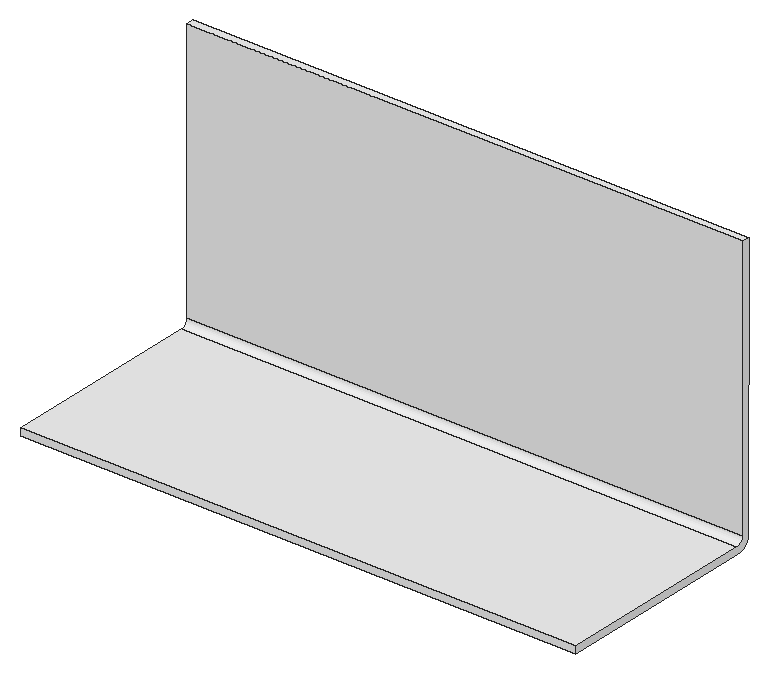
Revit family "JOMA_437", category Structural Connections, host Face, Revit 2017
Family settings
  Host = Face
  Material for Model Behavior = Other
  Enable cutting in views = Yes
  Cut with Voids When Loaded = No
  Shared = No
Parameters (values of type "4370001")
  t = 3 mm
  l = 240 mm
  h = 120 mm
  b = 93 mm
  Vikt (kg) = "1,15"
  Typ Förstärkningsbricka = ""
  Typ = "VINKEL 4370001"
  Spikmönster α=0° [instance] = no
  Spik/skruv [instance] = "ANKARSPIK 4,0x40"
  Material = Varmförzinkad stålplåt
  Länk Joma Dimensioneringsverktyg = "http://www.joma.se/dimensioneringsverktyg"
  Förstärkningsbricka 3012003 Spikmönster [instance] = and(Beslag 4370003, and([Spikmönster α=0°], Förstärkningsbricka))  # no
  Förstärkningsbricka 3012003 3D = and(Förstärkningsbricka, Beslag 4370003)  # no
  Förstärkningsbricka 3012003 [instance] = and(not([Spikmönster α=0°]), Förstärkningsbricka, Beslag 4370003)  # no
  Förstärkningsbricka 3012002 Spikmönster [instance] = and(or(Beslag 4370002, Beslag 4370004), and([Spikmönster α=0°], Förstärkningsbricka))  # no
  Förstärkningsbricka 3012002 3D = and(Förstärkningsbricka, or(Beslag 4370002, Beslag 4370004))  # no
  Förstärkningsbricka 3012002 [instance] = and(Förstärkningsbricka, or(Beslag 4370002, Beslag 4370004), not([Spikmönster α=0°]))  # no
  Förstärkningsbricka = no
  Default Elevation = 1200 mm
  Bult (betong) [instance] = ""
  Beslag 4370004 Grafik [instance] = not(or(Förstärkningsbricka 3012002 Spikmönster, Förstärkningsbricka 3012002))  # yes
  Beslag 4370003 Grafik [instance] = and(Beslag 4370003, not(or(Förstärkningsbricka 3012003 Spikmönster, Förstärkningsbricka 3012003)))  # no
  Beslag 4370002 Grafik [instance] = and(or(Beslag 4370002, Beslag 4370004), not(or(Förstärkningsbricka 3012002 Spikmönster, Förstärkningsbricka 3012002)))  # no
  Beslag 4370004 = no
  Beslag 4370003 = no
  Beslag 4370002 = no
  Beslag 4370001 = yes
  Antal spik/skruv i virkesdel B [instance] = if(and([Spikmönster α=0°], Beslag 4370001), 36, if(and([Spikmönster α=0°], Beslag 4370002), 2, if(and([Spikmönster α=0°], Beslag 4370003), 2, if(and([Spikmönster α=0°], Beslag 4370004), 2, 0))))  # 0
  Antal spik/skruv i virkesdel A [instance] = if(and([Spikmönster α=0°], Beslag 4370001), 36, if(and([Spikmönster α=0°], Beslag 4370002), 30, if(and([Spikmönster α=0°], Beslag 4370003), 36, if(and([Spikmönster α=0°], Beslag 4370004), 15, 0))))  # 0
  4370004U Spikmönster [instance] = and(and(Beslag 4370004, [Spikmönster α=0°]), not(Förstärkningsbricka))  # no
  4370004 Spikmönster [instance] = and(Beslag 4370004, [Spikmönster α=0°])  # no
  4370003U Spikmönster [instance] = and(and(Beslag 4370003, [Spikmönster α=0°]), not(Förstärkningsbricka))  # no
  4370003 Spikmönster [instance] = and(Beslag 4370003, [Spikmönster α=0°])  # no
  4370002U Spikmönster [instance] = and(and(Beslag 4370002, [Spikmönster α=0°]), not(Förstärkningsbricka))  # no
  4370002 Spikmönster [instance] = and(Beslag 4370002, [Spikmönster α=0°])  # no
  4370001 Spikmönster [instance] = and(Beslag 4370001, [Spikmönster α=0°])  # no
Reference planes
  plane 1 "Center (Front/Back)": y = 0
  plane 2: z = 0
  plane 3 "Center (Left/Right)": x = 0
  plane 4: y = -93
  plane 5: z = 120
  plane 6: x = -120
  plane 7: x = 120
  plane 8 "Hatch": z = 30
  plane 9: y = -5
Forms (mm)
  Extrusion 1, solid, material "Varmförzinkad stålplåt" <- "Material"
    sketch origin (0, 0, 0) x (0, 1, 0) y (0, 0, 1)
      loop
        arc (-3, 6) -> (-3.879, 3.879) -> (-6, 3) r 3
        line (-6, 3) -> (-93, 3) -> (-93, 0) -> (-6, 0)
        arc (-6, 0) -> (-1.757, 1.757) -> (0, 6) r 6
        line (0, 6) -> (0, 120) -> (-3, 120) -> (-3, 6)
    from -120 to 120
Lines and regions (mm)
  Masking region 1, visible <- "Förstärkningsbricka 3012003 3D"
    outline origin (0, 0, 0) x (0, 1, 0) y (0, 0, 1)
      loop
        line (-8, 3) -> (-6, 3)
        arc (-6, 3) -> (-3.879, 3.879) -> (-3, 6) r 3
        line (-3, 6) -> (-3, 8) -> (-8, 3)
  Masking region 2, visible <- "Förstärkningsbricka 3012003 3D"
    outline origin (0, 0, 0) x (0, 1, 0) y (0, 0, 1)
      loop
        arc (-4.377, 3.486) -> (-5.163, 3.121) -> (-6.021, 2.996) r 3.003
        line (-6.021, 2.996) -> (-6.021, 1.674) -> (-4.377, 1.674) -> (-4.377, 3.486)
  Masking region 3, visible <- "Förstärkningsbricka 3012002 3D"
    outline origin (0, 0, 0) x (0, 1, 0) y (0, 0, 1)
      loop
        line (-8, 3) -> (-6, 3)
        arc (-6, 3) -> (-3.879, 3.879) -> (-3, 6) r 3
        line (-3, 6) -> (-3, 8) -> (-8, 3)
  Masking region 4, visible <- "Förstärkningsbricka 3012002 3D"
    outline origin (0, 0, 0) x (0, 1, 0) y (0, 0, 1)
      loop
        arc (-4.379, 3.48) -> (-5.159, 3.121) -> (-6.01, 2.998) r 3.001
        line (-6.01, 2.998) -> (-6.01, 1.674) -> (-4.379, 1.674) -> (-4.379, 3.48)
  symbolic lines, visible <- "Beslag 4370001"
    curve 1: arc (-76, 0, 3) -> (-81, 0, 8) -> (-86, 0, 3) r 5
    curve 2: arc (86, 0, 3) -> (81, 0, 8) -> (76, 0, 3) r 5
    curve 148: circle (-110, 0, 100.088) r 2.5 normal (0, -1, 0)
    curve 149: circle (-90, 0, 110) r 2.5 normal (0, -1, 0)
    curve 150: circle (-90, 0, 90) r 2.5 normal (0, -1, 0)
    curve 151: circle (-110, 0, 80) r 2.5 normal (0, -1, 0)
    curve 152: circle (-110, 0, 60) r 2.5 normal (0, -1, 0)
    curve 153: circle (-90, 0, 70) r 2.5 normal (0, -1, 0)
    curve 154: circle (-70, 0, 60) r 2.5 normal (0, -1, 0)
    curve 155: circle (-70, 0, 80) r 2.5 normal (0, -1, 0)
    curve 156: circle (-70, 0, 100) r 2.5 normal (0, -1, 0)
    curve 157: circle (-50, 0, 110) r 2.5 normal (0, -1, 0)
    curve 158: circle (-50, 0, 90) r 2.5 normal (0, -1, 0)
    curve 159: circle (-50, 0, 70) r 2.5 normal (0, -1, 0)
    curve 160: circle (-30, 0, 60) r 2.5 normal (0, -1, 0)
    curve 161: circle (-30, 0, 80) r 2.5 normal (0, -1, 0)
    curve 162: circle (-30, 0, 100) r 2.5 normal (0, -1, 0)
    curve 163: circle (-10, 0, 110) r 2.5 normal (0, -1, 0)
    curve 164: circle (-10, 0, 90) r 2.5 normal (0, -1, 0)
    curve 165: circle (-10, 0, 70) r 2.5 normal (0, -1, 0)
    curve 166: circle (10, 0, 60) r 2.5 normal (0, -1, 0)
    curve 167: circle (10, 0, 80) r 2.5 normal (0, -1, 0)
    curve 168: circle (10, 0, 100) r 2.5 normal (0, -1, 0)
    curve 169: circle (30, 0, 110) r 2.5 normal (0, -1, 0)
    curve 170: circle (30, 0, 90) r 2.5 normal (0, -1, 0)
    curve 171: circle (30, 0, 70) r 2.5 normal (0, -1, 0)
    curve 172: circle (50, 0, 60) r 2.5 normal (0, -1, 0)
    curve 173: circle (50, 0, 80) r 2.5 normal (0, -1, 0)
    curve 174: circle (50, 0, 100) r 2.5 normal (0, -1, 0)
    curve 175: circle (70, 0, 110) r 2.5 normal (0, -1, 0)
    curve 176: circle (70, 0, 90) r 2.5 normal (0, -1, 0)
    curve 177: circle (70, 0, 70) r 2.5 normal (0, -1, 0)
    curve 178: circle (90, 0, 60) r 2.5 normal (0, -1, 0)
    curve 179: circle (90, 0, 80) r 2.5 normal (0, -1, 0)
    curve 180: circle (90, 0, 100) r 2.5 normal (0, -1, 0)
    curve 181: circle (110, 0, 70) r 2.5 normal (0, -1, 0)
    curve 182: circle (110, 0, 90) r 2.5 normal (0, -1, 0)
    curve 183: circle (110, 0, 110) r 2.5 normal (0, -1, 0)
    curve 220: circle (-110, -33, 15) r 2.5 normal (0, 0, 1)
    curve 221: circle (-110, -53, 15) r 2.5 normal (0, 0, 1)
    curve 222: circle (-110, -73, 15) r 2.5 normal (0, 0, 1)
    curve 223: circle (-90, -83, 15) r 2.5 normal (0, 0, 1)
    curve 224: circle (-90, -63, 15) r 2.5 normal (0, 0, 1)
    curve 225: circle (-90, -43, 15) r 2.5 normal (0, 0, 1)
    curve 226: circle (-70, -33, 15) r 2.5 normal (0, 0, 1)
    curve 227: circle (-70, -53, 15) r 2.5 normal (0, 0, 1)
    curve 228: circle (-70, -73, 15) r 2.5 normal (0, 0, 1)
    curve 229: circle (-50, -83, 15) r 2.5 normal (0, 0, 1)
    curve 230: circle (-50, -63, 15) r 2.5 normal (0, 0, 1)
    curve 231: circle (-50, -43, 15) r 2.5 normal (0, 0, 1)
    curve 232: circle (-30, -33, 15) r 2.5 normal (0, 0, 1)
    curve 233: circle (-30, -53, 15) r 2.5 normal (0, 0, 1)
    curve 234: circle (-30, -73, 15) r 2.5 normal (0, 0, 1)
    curve 235: circle (-10, -83, 15) r 2.5 normal (0, 0, 1)
    curve 236: circle (-10, -63, 15) r 2.5 normal (0, 0, 1)
    curve 237: circle (-10, -43, 15) r 2.5 normal (0, 0, 1)
    curve 238: circle (10, -73, 15) r 2.5 normal (0, 0, 1)
    curve 239: circle (10, -53, 15) r 2.5 normal (0, 0, 1)
    curve 240: circle (10, -33, 15) r 2.5 normal (0, 0, 1)
    curve 241: circle (30, -43, 15) r 2.5 normal (0, 0, 1)
    curve 242: circle (30, -63, 15) r 2.5 normal (0, 0, 1)
    curve 243: circle (30, -83, 15) r 2.5 normal (0, 0, 1)
    curve 244: circle (50, -73, 15) r 2.5 normal (0, 0, 1)
    curve 245: circle (50, -53, 15) r 2.5 normal (0, 0, 1)
    curve 246: circle (50, -33, 15) r 2.5 normal (0, 0, 1)
    curve 247: circle (70, -63, 15) r 2.5 normal (0, 0, 1)
    curve 248: circle (70, -83, 15) r 2.5 normal (0, 0, 1)
    curve 249: circle (90, -73, 15) r 2.5 normal (0, 0, 1)
    curve 250: circle (90, -53, 15) r 2.5 normal (0, 0, 1)
    curve 251: circle (90, -33, 15) r 2.5 normal (0, 0, 1)
    curve 252: circle (70, -43, 15) r 2.5 normal (0, 0, 1)
    curve 253: circle (110, -43, 15) r 2.5 normal (0, 0, 1)
    curve 254: circle (110, -63, 15) r 2.5 normal (0, 0, 1)
    curve 255: circle (110, -83, 15) r 2.5 normal (0, 0, 1)
  symbolic lines, visible <- "Beslag 4370001", not visible
    curve 3: arc (-76, 0, 3) -> (-81, 0, 8) -> (-86, 0, 3) r 5
    curve 4: arc (86, 0, 3) -> (81, 0, 8) -> (76, 0, 3) r 5
    curve 184: circle (-110, 0, 100.088) r 2.5 normal (0, -1, 0)
    curve 185: circle (-90, 0, 110) r 2.5 normal (0, -1, 0)
    curve 186: circle (-90, 0, 90) r 2.5 normal (0, -1, 0)
    curve 187: circle (-110, 0, 80) r 2.5 normal (0, -1, 0)
    curve 188: circle (-110, 0, 60) r 2.5 normal (0, -1, 0)
    curve 189: circle (-90, 0, 70) r 2.5 normal (0, -1, 0)
    curve 190: circle (-70, 0, 60) r 2.5 normal (0, -1, 0)
    curve 191: circle (-70, 0, 80) r 2.5 normal (0, -1, 0)
    curve 192: circle (-70, 0, 100) r 2.5 normal (0, -1, 0)
    curve 193: circle (-50, 0, 110) r 2.5 normal (0, -1, 0)
    curve 194: circle (-50, 0, 90) r 2.5 normal (0, -1, 0)
    curve 195: circle (-50, 0, 70) r 2.5 normal (0, -1, 0)
    curve 196: circle (-30, 0, 60) r 2.5 normal (0, -1, 0)
    curve 197: circle (-30, 0, 80) r 2.5 normal (0, -1, 0)
    curve 198: circle (-30, 0, 100) r 2.5 normal (0, -1, 0)
    curve 199: circle (-10, 0, 110) r 2.5 normal (0, -1, 0)
    curve 200: circle (-10, 0, 90) r 2.5 normal (0, -1, 0)
    curve 201: circle (-10, 0, 70) r 2.5 normal (0, -1, 0)
    curve 202: circle (10, 0, 60) r 2.5 normal (0, -1, 0)
    curve 203: circle (10, 0, 80) r 2.5 normal (0, -1, 0)
    curve 204: circle (10, 0, 100) r 2.5 normal (0, -1, 0)
    curve 205: circle (30, 0, 110) r 2.5 normal (0, -1, 0)
    curve 206: circle (30, 0, 90) r 2.5 normal (0, -1, 0)
    curve 207: circle (30, 0, 70) r 2.5 normal (0, -1, 0)
    curve 208: circle (50, 0, 60) r 2.5 normal (0, -1, 0)
    curve 209: circle (50, 0, 80) r 2.5 normal (0, -1, 0)
    curve 210: circle (50, 0, 100) r 2.5 normal (0, -1, 0)
    curve 211: circle (70, 0, 110) r 2.5 normal (0, -1, 0)
    curve 212: circle (70, 0, 90) r 2.5 normal (0, -1, 0)
    curve 213: circle (70, 0, 70) r 2.5 normal (0, -1, 0)
    curve 214: circle (90, 0, 60) r 2.5 normal (0, -1, 0)
    curve 215: circle (90, 0, 80) r 2.5 normal (0, -1, 0)
    curve 216: circle (90, 0, 100) r 2.5 normal (0, -1, 0)
    curve 217: circle (110, 0, 70) r 2.5 normal (0, -1, 0)
    curve 218: circle (110, 0, 90) r 2.5 normal (0, -1, 0)
    curve 219: circle (110, 0, 110) r 2.5 normal (0, -1, 0)
    curve 256: circle (-110, -33, 15) r 2.5 normal (0, 0, 1)
    curve 257: circle (-110, -53, 15) r 2.5 normal (0, 0, 1)
    curve 258: circle (-110, -73, 15) r 2.5 normal (0, 0, 1)
    curve 259: circle (-90, -83, 15) r 2.5 normal (0, 0, 1)
    curve 260: circle (-90, -63, 15) r 2.5 normal (0, 0, 1)
    curve 261: circle (-90, -43, 15) r 2.5 normal (0, 0, 1)
    curve 262: circle (-70, -33, 15) r 2.5 normal (0, 0, 1)
    curve 263: circle (-70, -53, 15) r 2.5 normal (0, 0, 1)
    curve 264: circle (-70, -73, 15) r 2.5 normal (0, 0, 1)
    curve 265: circle (-50, -83, 15) r 2.5 normal (0, 0, 1)
    curve 266: circle (-50, -63, 15) r 2.5 normal (0, 0, 1)
    curve 267: circle (-50, -43, 15) r 2.5 normal (0, 0, 1)
    curve 268: circle (-30, -33, 15) r 2.5 normal (0, 0, 1)
    curve 269: circle (-30, -53, 15) r 2.5 normal (0, 0, 1)
    curve 270: circle (-30, -73, 15) r 2.5 normal (0, 0, 1)
    curve 271: circle (-10, -83, 15) r 2.5 normal (0, 0, 1)
    curve 272: circle (-10, -63, 15) r 2.5 normal (0, 0, 1)
    curve 273: circle (-10, -43, 15) r 2.5 normal (0, 0, 1)
    curve 274: circle (10, -73, 15) r 2.5 normal (0, 0, 1)
    curve 275: circle (10, -53, 15) r 2.5 normal (0, 0, 1)
    curve 276: circle (10, -33, 15) r 2.5 normal (0, 0, 1)
    curve 277: circle (30, -43, 15) r 2.5 normal (0, 0, 1)
    curve 278: circle (30, -63, 15) r 2.5 normal (0, 0, 1)
    curve 279: circle (30, -83, 15) r 2.5 normal (0, 0, 1)
    curve 280: circle (50, -73, 15) r 2.5 normal (0, 0, 1)
    curve 281: circle (50, -53, 15) r 2.5 normal (0, 0, 1)
    curve 282: circle (50, -33, 15) r 2.5 normal (0, 0, 1)
    curve 283: circle (70, -63, 15) r 2.5 normal (0, 0, 1)
    curve 284: circle (70, -83, 15) r 2.5 normal (0, 0, 1)
    curve 285: circle (90, -73, 15) r 2.5 normal (0, 0, 1)
    curve 286: circle (90, -53, 15) r 2.5 normal (0, 0, 1)
    curve 287: circle (90, -33, 15) r 2.5 normal (0, 0, 1)
    curve 288: circle (70, -43, 15) r 2.5 normal (0, 0, 1)
    curve 289: circle (110, -43, 15) r 2.5 normal (0, 0, 1)
    curve 290: circle (110, -63, 15) r 2.5 normal (0, 0, 1)
    curve 291: circle (110, -83, 15) r 2.5 normal (0, 0, 1)
  symbolic lines
    curve 5: line (0, -8, 3) -> (0, -3, 8)
    curve 352: arc (0, -3, 7) -> (0, -4.474, 5.237) -> (0, -5, 3) r 4.98
  symbolic lines, visible <- "Beslag 4370002 Grafik"
    curve 6: circle (-75, -71.5, 0) r 6.5 normal (0, 0, 1)
    curve 7: circle (75, -71.5, 0) r 6.5 normal (0, 0, 1)
    curve 10: circle (-75, -40, 0) r 6.5 normal (0, 0, 1)
    curve 11: circle (75, -40, 0) r 6.5 normal (0, 0, 1)
  symbolic lines, visible <- "Beslag 4370002 Grafik", not visible
    curve 8: circle (-75, -71.5, 0) r 6.5 normal (0, 0, 1)
    curve 9: circle (75, -71.5, 0) r 6.5 normal (0, 0, 1)
    curve 12: circle (-75, -40, 0) r 6.5 normal (0, 0, 1)
    curve 13: circle (75, -40, 0) r 6.5 normal (0, 0, 1)
  symbolic lines, visible <- "Beslag 4370004"
    curve 14: arc (-70, 0, 3) -> (-75, 0, 8) -> (-80, 0, 3) r 5
    curve 15: arc (80, 0, 3) -> (75, 0, 8) -> (70, 0, 3) r 5
    curve 16: circle (90, 0, 21) r 2.5 normal (0, -1, 0)
    curve 17: circle (90, 0, 41) r 2.5 normal (0, -1, 0)
    curve 18: circle (90, 0, 61) r 2.5 normal (0, -1, 0)
    curve 19: circle (70, 0, 51) r 2.5 normal (0, -1, 0)
    curve 20: circle (70, 0, 31) r 2.5 normal (0, -1, 0)
    curve 21: circle (50, 0, 21) r 2.5 normal (0, -1, 0)
    curve 22: circle (50, 0, 41) r 2.5 normal (0, -1, 0)
    curve 23: circle (50, 0, 61) r 2.5 normal (0, -1, 0)
    curve 24: circle (30, 0, 51) r 2.5 normal (0, -1, 0)
    curve 25: circle (30, 0, 31) r 2.5 normal (0, -1, 0)
    curve 26: circle (10, 0, 21) r 2.5 normal (0, -1, 0)
    curve 27: circle (10, 0, 41) r 2.5 normal (0, -1, 0)
    curve 28: circle (-10, 0, 31) r 2.5 normal (0, -1, 0)
    curve 29: circle (-10, 0, 51) r 2.5 normal (0, -1, 0)
    curve 30: circle (10, 0, 61) r 2.5 normal (0, -1, 0)
    curve 31: circle (-30, 0, 61) r 2.5 normal (0, -1, 0)
    curve 32: circle (-30, 0, 41) r 2.5 normal (0, -1, 0)
    curve 33: circle (-30, 0, 21) r 2.5 normal (0, -1, 0)
    curve 34: circle (-50, 0, 31) r 2.5 normal (0, -1, 0)
    curve 35: circle (-50, 0, 51) r 2.5 normal (0, -1, 0)
    curve 36: circle (-70, 0, 41) r 2.5 normal (0, -1, 0)
    curve 37: circle (-70, 0, 21) r 2.5 normal (0, -1, 0)
    curve 38: circle (-90, 0, 31) r 2.5 normal (0, -1, 0)
    curve 39: circle (-90, 0, 51) r 2.5 normal (0, -1, 0)
    curve 40: circle (-70, 0, 61) r 2.5 normal (0, -1, 0)
  symbolic lines, visible <- "Beslag 4370004", not visible
    curve 41: arc (-70, 0, 3) -> (-75, 0, 8) -> (-80, 0, 3) r 5
    curve 42: arc (80, 0, 3) -> (75, 0, 8) -> (70, 0, 3) r 5
    curve 43: circle (90, 0, 21) r 2.5 normal (0, -1, 0)
    curve 44: circle (90, 0, 41) r 2.5 normal (0, -1, 0)
    curve 45: circle (90, 0, 61) r 2.5 normal (0, -1, 0)
    curve 46: circle (70, 0, 51) r 2.5 normal (0, -1, 0)
    curve 47: circle (70, 0, 31) r 2.5 normal (0, -1, 0)
    curve 48: circle (50, 0, 21) r 2.5 normal (0, -1, 0)
    curve 49: circle (50, 0, 41) r 2.5 normal (0, -1, 0)
    curve 50: circle (50, 0, 61) r 2.5 normal (0, -1, 0)
    curve 51: circle (30, 0, 51) r 2.5 normal (0, -1, 0)
    curve 52: circle (30, 0, 31) r 2.5 normal (0, -1, 0)
    curve 53: circle (10, 0, 21) r 2.5 normal (0, -1, 0)
    curve 54: circle (10, 0, 41) r 2.5 normal (0, -1, 0)
    curve 55: circle (-10, 0, 31) r 2.5 normal (0, -1, 0)
    curve 56: circle (-10, 0, 51) r 2.5 normal (0, -1, 0)
    curve 57: circle (10, 0, 61) r 2.5 normal (0, -1, 0)
    curve 58: circle (-30, 0, 61) r 2.5 normal (0, -1, 0)
    curve 59: circle (-30, 0, 41) r 2.5 normal (0, -1, 0)
    curve 60: circle (-30, 0, 21) r 2.5 normal (0, -1, 0)
    curve 61: circle (-50, 0, 31) r 2.5 normal (0, -1, 0)
    curve 62: circle (-50, 0, 51) r 2.5 normal (0, -1, 0)
    curve 63: circle (-70, 0, 41) r 2.5 normal (0, -1, 0)
    curve 64: circle (-70, 0, 21) r 2.5 normal (0, -1, 0)
    curve 65: circle (-90, 0, 31) r 2.5 normal (0, -1, 0)
    curve 66: circle (-90, 0, 51) r 2.5 normal (0, -1, 0)
    curve 67: circle (-70, 0, 61) r 2.5 normal (0, -1, 0)
  symbolic lines, visible <- "Beslag 4370003 Grafik"
    curve 68: circle (-81, -42, 15) r 8.5 normal (0, 0, 1)
    curve 69: circle (-81, -82, 15) r 8.5 normal (0, 0, 1)
    curve 70: circle (81, -82, 15) r 8.5 normal (0, 0, 1)
    curve 71: circle (81, -42, 15) r 8.5 normal (0, 0, 1)
  symbolic lines, visible <- "Beslag 4370003 Grafik", not visible
    curve 72: circle (-81, -42, 15) r 8.5 normal (0, 0, 1)
    curve 73: circle (-81, -82, 15) r 8.5 normal (0, 0, 1)
    curve 74: circle (81, -82, 15) r 8.5 normal (0, 0, 1)
    curve 75: circle (81, -42, 15) r 8.5 normal (0, 0, 1)
  symbolic lines, visible <- "Beslag 4370003"
    curve 76: circle (-110, 0, 100) r 2.5 normal (0, -1, 0)
    curve 77: circle (-110, 0, 80) r 2.5 normal (0, -1, 0)
    curve 78: circle (-110, 0, 60) r 2.5 normal (0, -1, 0)
    curve 79: circle (-90, 0, 70) r 2.5 normal (0, -1, 0)
    curve 80: circle (-90, 0, 90) r 2.5 normal (0, -1, 0)
    curve 81: circle (-90, 0, 110) r 2.5 normal (0, -1, 0)
    curve 82: circle (-70, 0, 100) r 2.5 normal (0, -1, 0)
    curve 83: circle (-70, 0, 80) r 2.5 normal (0, -1, 0)
    curve 84: circle (-70, 0, 60) r 2.5 normal (0, -1, 0)
    curve 85: circle (-50, 0, 70) r 2.5 normal (0, -1, 0)
    curve 86: circle (-50, 0, 90) r 2.5 normal (0, -1, 0)
    curve 87: circle (-50, 0, 110) r 2.5 normal (0, -1, 0)
    curve 88: circle (-30, 0, 100) r 2.5 normal (0, -1, 0)
    curve 89: circle (-30, 0, 80) r 2.5 normal (0, -1, 0)
    curve 90: circle (-30, 0, 60) r 2.5 normal (0, -1, 0)
    curve 91: circle (-10, 0, 70) r 2.5 normal (0, -1, 0)
    curve 92: circle (-10, 0, 90) r 2.5 normal (0, -1, 0)
    curve 93: circle (-10, 0, 110) r 2.5 normal (0, -1, 0)
    curve 94: circle (10, 0, 100) r 2.5 normal (0, -1, 0)
    curve 95: circle (10, 0, 80) r 2.5 normal (0, -1, 0)
    curve 96: circle (10, 0, 60) r 2.5 normal (0, -1, 0)
    curve 97: circle (30, 0, 70) r 2.5 normal (0, -1, 0)
    curve 98: circle (30, 0, 90) r 2.5 normal (0, -1, 0)
    curve 99: circle (30, 0, 110) r 2.5 normal (0, -1, 0)
    curve 100: circle (50, 0, 100) r 2.5 normal (0, -1, 0)
    curve 101: circle (50, 0, 80) r 2.5 normal (0, -1, 0)
    curve 102: circle (50, 0, 60) r 2.5 normal (0, -1, 0)
    curve 103: circle (70, 0, 70) r 2.5 normal (0, -1, 0)
    curve 104: circle (70, 0, 90) r 2.5 normal (0, -1, 0)
    curve 105: circle (70, 0, 110) r 2.5 normal (0, -1, 0)
    curve 106: circle (90, 0, 100) r 2.5 normal (0, -1, 0)
    curve 107: circle (90, 0, 80) r 2.5 normal (0, -1, 0)
    curve 108: circle (90, 0, 60) r 2.5 normal (0, -1, 0)
    curve 109: circle (110, 0, 70) r 2.5 normal (0, -1, 0)
    curve 110: circle (110, 0, 90) r 2.5 normal (0, -1, 0)
    curve 111: circle (110, 0, 109.919) r 2.5 normal (0, -1, 0)
  symbolic lines, visible <- "Beslag 4370003", not visible
    curve 112: circle (-110, 0, 240) r 2.5 normal (0, -1, 0)
    curve 113: circle (-110, 0, 220) r 2.5 normal (0, -1, 0)
    curve 114: circle (-110, 0, 200) r 2.5 normal (0, -1, 0)
    curve 115: circle (-90, 0, 210) r 2.5 normal (0, -1, 0)
    curve 116: circle (-90, 0, 230) r 2.5 normal (0, -1, 0)
    curve 117: circle (-90, 0, 250) r 2.5 normal (0, -1, 0)
    curve 118: circle (-70, 0, 240) r 2.5 normal (0, -1, 0)
    curve 119: circle (-70, 0, 220) r 2.5 normal (0, -1, 0)
    curve 120: circle (-70, 0, 200) r 2.5 normal (0, -1, 0)
    curve 121: circle (-50, 0, 210) r 2.5 normal (0, -1, 0)
    curve 122: circle (-50, 0, 230) r 2.5 normal (0, -1, 0)
    curve 123: circle (-50, 0, 250) r 2.5 normal (0, -1, 0)
    curve 124: circle (-30, 0, 240) r 2.5 normal (0, -1, 0)
    curve 125: circle (-30, 0, 220) r 2.5 normal (0, -1, 0)
    curve 126: circle (-30, 0, 200) r 2.5 normal (0, -1, 0)
    curve 127: circle (-10, 0, 210) r 2.5 normal (0, -1, 0)
    curve 128: circle (-10, 0, 230) r 2.5 normal (0, -1, 0)
    curve 129: circle (-10, 0, 250) r 2.5 normal (0, -1, 0)
    curve 130: circle (10, 0, 240) r 2.5 normal (0, -1, 0)
    curve 131: circle (10, 0, 220) r 2.5 normal (0, -1, 0)
    curve 132: circle (10, 0, 200) r 2.5 normal (0, -1, 0)
    curve 133: circle (30, 0, 210) r 2.5 normal (0, -1, 0)
    curve 134: circle (30, 0, 230) r 2.5 normal (0, -1, 0)
    curve 135: circle (30, 0, 250) r 2.5 normal (0, -1, 0)
    curve 136: circle (50, 0, 240) r 2.5 normal (0, -1, 0)
    curve 137: circle (50, 0, 220) r 2.5 normal (0, -1, 0)
    curve 138: circle (50, 0, 200) r 2.5 normal (0, -1, 0)
    curve 139: circle (70, 0, 210) r 2.5 normal (0, -1, 0)
    curve 140: circle (70, 0, 230) r 2.5 normal (0, -1, 0)
    curve 141: circle (70, 0, 250) r 2.5 normal (0, -1, 0)
    curve 142: circle (90, 0, 240) r 2.5 normal (0, -1, 0)
    curve 143: circle (90, 0, 220) r 2.5 normal (0, -1, 0)
    curve 144: circle (90, 0, 200) r 2.5 normal (0, -1, 0)
    curve 145: circle (110, 0, 210) r 2.5 normal (0, -1, 0)
    curve 146: circle (110, 0, 230) r 2.5 normal (0, -1, 0)
    curve 147: circle (110, 0, 249.919) r 2.5 normal (0, -1, 0)
  symbolic lines, visible <- "Beslag 4370002"
    curve 292: circle (-90, 0, 100) r 2.5 normal (0, -1, 0)
    curve 293: circle (-90, 0, 80) r 2.5 normal (0, -1, 0)
    curve 294: circle (-90, 0, 60) r 2.5 normal (0, -1, 0)
    curve 295: circle (-69.772, 0, 89.99) r 2.5 normal (0, -1, 0)
    curve 296: circle (-69.772, 0, 69.99) r 2.5 normal (0, -1, 0)
    curve 297: circle (-69.772, 0, 109.99) r 2.5 normal (0, -1, 0)
    curve 298: circle (-50.157, 0, 99.995) r 2.5 normal (0, -1, 0)
    curve 299: circle (-50.157, 0, 79.995) r 2.5 normal (0, -1, 0)
    curve 300: circle (-50.157, 0, 59.995) r 2.5 normal (0, -1, 0)
    curve 301: circle (-30, 0, 70) r 2.5 normal (0, -1, 0)
    curve 302: circle (-30, 0, 90) r 2.5 normal (0, -1, 0)
    curve 303: circle (-30, 0, 110) r 2.5 normal (0, -1, 0)
    curve 304: circle (-10, 0, 100) r 2.5 normal (0, -1, 0)
    curve 305: circle (-10, 0, 80) r 2.5 normal (0, -1, 0)
    curve 306: circle (-10, 0, 60) r 2.5 normal (0, -1, 0)
    curve 307: circle (9.996, 0, 70) r 2.5 normal (0, -1, 0)
    curve 308: circle (10, 0, 90) r 2.5 normal (0, -1, 0)
    curve 309: circle (10, 0, 110) r 2.5 normal (0, -1, 0)
    curve 310: circle (30, 0, 100) r 2.5 normal (0, -1, 0)
    curve 311: circle (30, 0, 80) r 2.5 normal (0, -1, 0)
    curve 312: circle (30, 0, 60) r 2.5 normal (0, -1, 0)
    curve 313: circle (50, 0, 70) r 2.5 normal (0, -1, 0)
    curve 314: circle (50, 0, 90) r 2.5 normal (0, -1, 0)
    curve 315: circle (50, 0, 110) r 2.5 normal (0, -1, 0)
    curve 316: circle (70.111, 0, 99.998) r 2.5 normal (0, -1, 0)
    curve 317: circle (70.111, 0, 79.998) r 2.5 normal (0, -1, 0)
    curve 318: circle (70.111, 0, 59.998) r 2.5 normal (0, -1, 0)
    curve 319: circle (90, 0, 70) r 2.5 normal (0, -1, 0)
    curve 320: circle (90, 0, 90) r 2.5 normal (0, -1, 0)
    curve 321: circle (90, 0, 110) r 2.5 normal (0, -1, 0)
  symbolic lines, visible <- "Beslag 4370002", not visible
    curve 322: circle (-90, 0, 100) r 2.5 normal (0, -1, 0)
    curve 323: circle (-90, 0, 80) r 2.5 normal (0, -1, 0)
    curve 324: circle (-90, 0, 60) r 2.5 normal (0, -1, 0)
    curve 325: circle (-69.772, 0, 89.99) r 2.5 normal (0, -1, 0)
    curve 326: circle (-69.772, 0, 69.99) r 2.5 normal (0, -1, 0)
    curve 327: circle (-69.772, 0, 109.99) r 2.5 normal (0, -1, 0)
    curve 328: circle (-50.157, 0, 99.995) r 2.5 normal (0, -1, 0)
    curve 329: circle (-50.157, 0, 79.995) r 2.5 normal (0, -1, 0)
    curve 330: circle (-50.157, 0, 59.995) r 2.5 normal (0, -1, 0)
    curve 331: circle (-30, 0, 70) r 2.5 normal (0, -1, 0)
    curve 332: circle (-30, 0, 90) r 2.5 normal (0, -1, 0)
    curve 333: circle (-30, 0, 110) r 2.5 normal (0, -1, 0)
    curve 334: circle (-10, 0, 100) r 2.5 normal (0, -1, 0)
    curve 335: circle (-10, 0, 80) r 2.5 normal (0, -1, 0)
    curve 336: circle (-10, 0, 60) r 2.5 normal (0, -1, 0)
    curve 337: circle (9.996, 0, 70) r 2.5 normal (0, -1, 0)
    curve 338: circle (10, 0, 90) r 2.5 normal (0, -1, 0)
    curve 339: circle (10, 0, 110) r 2.5 normal (0, -1, 0)
    curve 340: circle (30, 0, 100) r 2.5 normal (0, -1, 0)
    curve 341: circle (30, 0, 80) r 2.5 normal (0, -1, 0)
    curve 342: circle (30, 0, 60) r 2.5 normal (0, -1, 0)
    curve 343: circle (50, 0, 70) r 2.5 normal (0, -1, 0)
    curve 344: circle (50, 0, 90) r 2.5 normal (0, -1, 0)
    curve 345: circle (50, 0, 110) r 2.5 normal (0, -1, 0)
    curve 346: circle (70.111, 0, 99.998) r 2.5 normal (0, -1, 0)
    curve 347: circle (70.111, 0, 79.998) r 2.5 normal (0, -1, 0)
    curve 348: circle (70.111, 0, 59.998) r 2.5 normal (0, -1, 0)
    curve 349: circle (90, 0, 70) r 2.5 normal (0, -1, 0)
    curve 350: circle (90, 0, 90) r 2.5 normal (0, -1, 0)
    curve 351: circle (90, 0, 110) r 2.5 normal (0, -1, 0)
Dimensions and locks
  "t": Extrusion 1 sketch curve to Extrusion 1 sketch curve
  "t": Extrusion 1 sketch curve to host face
  "b": plane 1 "Center (Front/Back)" to plane 4
  "h": plane 5 to level
  equal spacing: plane 7, plane 3 "Center (Left/Right)", plane 6
  "l": plane 7 to plane 6
  locked: plane 1 "Center (Front/Back)" to plane 9 at 5
  aligned and locked: plane 2 to host face
  aligned and locked: level to host face
  aligned and locked: Extrusion 1 sketch curve to host face
  aligned and locked: Extrusion 1 sketch curve to plane 1 "Center (Front/Back)"
  aligned and locked: plane 4 to Extrusion 1 sketch curve
  aligned and locked: plane 5 to Extrusion 1 sketch curve
  aligned and locked: Extrusion 1 to plane 6
  aligned and locked: plane 7 to Extrusion 1
  aligned and locked: plane 9 to nested 182
  aligned and locked: plane 9 to nested 145
Automatic sketch dimensions
  host sketch curve to host sketch curve = 2438.4 mm  (x2)
  curve 10 to curve 6 = 0 mm
  curve 6 to curve 10 = 31.5 mm
  curve 11 to curve 7 = 0 mm
  curve 7 to curve 11 = 31.5 mm
  curve 12 to curve 8 = 0 mm
  curve 8 to curve 12 = 31.5 mm
  curve 13 to curve 9 = 0 mm
  curve 9 to curve 13 = 31.5 mm
  curve 148 to curve 1 = 29 mm
  curve 1 to curve 2 = 162 mm
  curve 1 to curve 2 = 0 mm
  curve 1 to curve 148 = 97.088 mm
  curve 1 to curve 1 = 5 mm
  curve 2 to curve 2 = 5 mm
  curve 148 to curve 151 = 0 mm
  curve 151 to curve 148 = 20.088 mm
  curve 151 to curve 152 = 0 mm
  curve 152 to curve 151 = 20 mm
  curve 151 to curve 153 = 20 mm
  curve 153 to curve 151 = 10 mm
  curve 150 to curve 153 = 0 mm
  curve 153 to curve 150 = 20 mm
  curve 149 to curve 150 = 0 mm
  curve 150 to curve 149 = 20 mm
  curve 150 to curve 156 = 20 mm
  curve 150 to curve 156 = 10 mm
  curve 156 to curve 155 = 0 mm
  curve 155 to curve 156 = 20 mm
  curve 155 to curve 154 = 0 mm
  curve 154 to curve 155 = 20 mm
  curve 155 to curve 159 = 20 mm
  curve 159 to curve 155 = 10 mm
  curve 158 to curve 159 = 0 mm
  curve 159 to curve 158 = 20 mm
  curve 157 to curve 158 = 0 mm
  curve 158 to curve 157 = 20 mm
  curve 158 to curve 162 = 20 mm
  curve 158 to curve 162 = 10 mm
  curve 162 to curve 161 = 0 mm
  curve 161 to curve 162 = 20 mm
  curve 161 to curve 160 = 0 mm
  curve 160 to curve 161 = 20 mm
  curve 160 to curve 165 = 20 mm
  curve 160 to curve 165 = 10 mm
  curve 164 to curve 165 = 0 mm
  curve 165 to curve 164 = 20 mm
  curve 163 to curve 164 = 0 mm
  curve 164 to curve 163 = 20 mm
  curve 164 to curve 168 = 20 mm
  curve 164 to curve 168 = 10 mm
  curve 168 to curve 169 = 20 mm
  curve 168 to curve 169 = 10 mm
  curve 169 to curve 170 = 0 mm
  curve 170 to curve 169 = 20 mm
  curve 168 to curve 167 = 0 mm
  curve 167 to curve 168 = 20 mm
  curve 167 to curve 166 = 0 mm
  curve 166 to curve 167 = 20 mm
  curve 170 to curve 171 = 0 mm
  curve 171 to curve 170 = 20 mm
  curve 171 to curve 172 = 20 mm
  curve 172 to curve 171 = 10 mm
  curve 172 to curve 177 = 20 mm
  curve 172 to curve 177 = 10 mm
  curve 177 to curve 179 = 20 mm
  curve 177 to curve 179 = 10 mm
  curve 179 to curve 182 = 20 mm
  curve 179 to curve 182 = 10 mm
  curve 182 to curve 181 = 0 mm
  curve 181 to curve 182 = 20 mm
  curve 179 to curve 178 = 0 mm
  curve 178 to curve 179 = 20 mm
  curve 176 to curve 177 = 0 mm
  curve 177 to curve 176 = 20 mm
  curve 173 to curve 172 = 0 mm
  curve 172 to curve 173 = 20 mm
  curve 174 to curve 173 = 0 mm
  curve 173 to curve 174 = 20 mm
  curve 175 to curve 176 = 0 mm
  curve 176 to curve 175 = 20 mm
  curve 180 to curve 179 = 0 mm
  curve 179 to curve 180 = 20 mm
  curve 183 to curve 182 = 0 mm
  curve 182 to curve 183 = 20 mm
  curve 184 to curve 3 = 29 mm
  curve 3 to curve 4 = 162 mm
  curve 3 to curve 4 = 0 mm
  curve 3 to curve 184 = 97.088 mm
  curve 3 to curve 3 = 5 mm
  curve 4 to curve 4 = 5 mm
  curve 184 to curve 187 = 0 mm
  curve 187 to curve 184 = 20.088 mm
  curve 187 to curve 188 = 0 mm
  curve 188 to curve 187 = 20 mm
  curve 187 to curve 189 = 20 mm
  curve 189 to curve 187 = 10 mm
  curve 186 to curve 189 = 0 mm
  curve 189 to curve 186 = 20 mm
  curve 185 to curve 186 = 0 mm
  curve 186 to curve 185 = 20 mm
  curve 186 to curve 192 = 20 mm
  curve 186 to curve 192 = 10 mm
  curve 192 to curve 191 = 0 mm
  curve 191 to curve 192 = 20 mm
  curve 191 to curve 190 = 0 mm
  curve 190 to curve 191 = 20 mm
  curve 191 to curve 195 = 20 mm
  curve 195 to curve 191 = 10 mm
  curve 194 to curve 195 = 0 mm
  curve 195 to curve 194 = 20 mm
  curve 193 to curve 194 = 0 mm
  curve 194 to curve 193 = 20 mm
  curve 194 to curve 198 = 20 mm
  curve 194 to curve 198 = 10 mm
  curve 198 to curve 197 = 0 mm
  curve 197 to curve 198 = 20 mm
  curve 197 to curve 196 = 0 mm
  curve 196 to curve 197 = 20 mm
  curve 196 to curve 201 = 20 mm
  curve 196 to curve 201 = 10 mm
  curve 200 to curve 201 = 0 mm
  curve 201 to curve 200 = 20 mm
  curve 199 to curve 200 = 0 mm
  curve 200 to curve 199 = 20 mm
  curve 200 to curve 204 = 20 mm
  curve 200 to curve 204 = 10 mm
  curve 204 to curve 205 = 20 mm
  curve 204 to curve 205 = 10 mm
  curve 205 to curve 206 = 0 mm
  curve 206 to curve 205 = 20 mm
  curve 204 to curve 203 = 0 mm
  curve 203 to curve 204 = 20 mm
  curve 203 to curve 202 = 0 mm
  curve 202 to curve 203 = 20 mm
  curve 206 to curve 207 = 0 mm
  curve 207 to curve 206 = 20 mm
  curve 207 to curve 208 = 20 mm
  curve 208 to curve 207 = 10 mm
  curve 208 to curve 213 = 20 mm
  curve 208 to curve 213 = 10 mm
  curve 213 to curve 215 = 20 mm
  curve 213 to curve 215 = 10 mm
  curve 215 to curve 218 = 20 mm
  curve 215 to curve 218 = 10 mm
  curve 218 to curve 217 = 0 mm
  curve 217 to curve 218 = 20 mm
  curve 215 to curve 214 = 0 mm
  curve 214 to curve 215 = 20 mm
  curve 212 to curve 213 = 0 mm
  curve 213 to curve 212 = 20 mm
  curve 209 to curve 208 = 0 mm
  curve 208 to curve 209 = 20 mm
  curve 210 to curve 209 = 0 mm
  curve 209 to curve 210 = 20 mm
  curve 211 to curve 212 = 0 mm
  curve 212 to curve 211 = 20 mm
  curve 216 to curve 215 = 0 mm
  curve 215 to curve 216 = 20 mm
  curve 219 to curve 218 = 0 mm
  curve 218 to curve 219 = 20 mm
  curve 229 to curve 255 = 0 mm
  curve 243 to curve 255 = 0 mm
  curve 223 to curve 229 = 0 mm
  curve 243 to curve 248 = 0 mm
  curve 235 to curve 243 = 0 mm
  curve 243 to curve 238 = 10 mm
  curve 229 to curve 228 = 10 mm
  curve 255 to curve 249 = 10 mm
  curve 248 to curve 244 = 10 mm
  curve 223 to curve 222 = 10 mm
  curve 235 to curve 234 = 10 mm
  curve 255 to curve 254 = 20 mm
  curve 248 to curve 247 = 20 mm
  curve 223 to curve 224 = 20 mm
  curve 229 to curve 230 = 20 mm
  curve 235 to curve 236 = 20 mm
  curve 243 to curve 242 = 20 mm
  curve 238 to curve 239 = 20 mm
  curve 249 to curve 250 = 20 mm
  curve 222 to curve 221 = 20 mm
  curve 228 to curve 227 = 20 mm
  curve 234 to curve 233 = 20 mm
  curve 244 to curve 245 = 20 mm
  curve 224 to curve 225 = 20 mm
  curve 254 to curve 253 = 20 mm
  curve 236 to curve 237 = 20 mm
  curve 230 to curve 231 = 20 mm
  curve 242 to curve 241 = 20 mm
  curve 247 to curve 252 = 20 mm
  curve 250 to curve 251 = 20 mm
  curve 233 to curve 232 = 20 mm
  curve 239 to curve 240 = 20 mm
  curve 227 to curve 226 = 20 mm
  curve 245 to curve 246 = 20 mm
  curve 221 to curve 220 = 20 mm
  curve 253 to curve 254 = 0 mm
  curve 255 to curve 254 = 0 mm
  curve 253 to curve 251 = 20 mm
  curve 250 to curve 251 = 0 mm
  curve 249 to curve 250 = 0 mm
  curve 250 to curve 252 = 20 mm
  curve 249 to curve 248 = 20 mm
  curve 247 to curve 252 = 0 mm
  curve 252 to curve 245 = 20 mm
  curve 244 to curve 245 = 0 mm
  curve 246 to curve 245 = 0 mm
  curve 244 to curve 242 = 20 mm
  curve 241 to curve 242 = 0 mm
  curve 243 to curve 242 = 0 mm
  curve 241 to curve 240 = 20 mm
  curve 239 to curve 240 = 0 mm
  curve 238 to curve 239 = 0 mm
  curve 239 to curve 236 = 20 mm
  curve 235 to curve 236 = 0 mm
  curve 237 to curve 236 = 0 mm
  curve 236 to curve 234 = 20 mm
  curve 233 to curve 234 = 0 mm
  curve 232 to curve 233 = 0 mm
  curve 233 to curve 230 = 20 mm
  curve 229 to curve 230 = 0 mm
  curve 231 to curve 230 = 0 mm
  curve 230 to curve 228 = 20 mm
  curve 227 to curve 228 = 0 mm
  curve 226 to curve 227 = 0 mm
  curve 228 to curve 224 = 20 mm
  curve 223 to curve 224 = 0 mm
  curve 225 to curve 224 = 0 mm
  curve 224 to curve 221 = 20 mm
  curve 220 to curve 221 = 0 mm
  curve 222 to curve 221 = 0 mm
  curve 265 to curve 291 = 0 mm
  curve 279 to curve 291 = 0 mm
  curve 259 to curve 265 = 0 mm
  curve 279 to curve 284 = 0 mm
  curve 271 to curve 279 = 0 mm
  curve 279 to curve 274 = 10 mm
  curve 265 to curve 264 = 10 mm
  curve 291 to curve 285 = 10 mm
  curve 284 to curve 280 = 10 mm
  curve 259 to curve 258 = 10 mm
  curve 271 to curve 270 = 10 mm
  curve 291 to curve 290 = 20 mm
  curve 284 to curve 283 = 20 mm
  curve 259 to curve 260 = 20 mm
  curve 265 to curve 266 = 20 mm
  curve 271 to curve 272 = 20 mm
  curve 279 to curve 278 = 20 mm
  curve 274 to curve 275 = 20 mm
  curve 285 to curve 286 = 20 mm
  curve 258 to curve 257 = 20 mm
  curve 264 to curve 263 = 20 mm
  curve 270 to curve 269 = 20 mm
  curve 280 to curve 281 = 20 mm
  curve 260 to curve 261 = 20 mm
  curve 290 to curve 289 = 20 mm
  curve 272 to curve 273 = 20 mm
  curve 266 to curve 267 = 20 mm
  curve 278 to curve 277 = 20 mm
  curve 283 to curve 288 = 20 mm
  curve 286 to curve 287 = 20 mm
  curve 269 to curve 268 = 20 mm
  curve 275 to curve 276 = 20 mm
  curve 263 to curve 262 = 20 mm
  curve 281 to curve 282 = 20 mm
  curve 257 to curve 256 = 20 mm
  curve 289 to curve 290 = 0 mm
  curve 291 to curve 290 = 0 mm
  curve 289 to curve 287 = 20 mm
  curve 286 to curve 287 = 0 mm
  curve 285 to curve 286 = 0 mm
  curve 286 to curve 288 = 20 mm
  curve 285 to curve 284 = 20 mm
  curve 283 to curve 288 = 0 mm
  curve 288 to curve 281 = 20 mm
  curve 280 to curve 281 = 0 mm
  curve 282 to curve 281 = 0 mm
  curve 280 to curve 278 = 20 mm
  curve 277 to curve 278 = 0 mm
  curve 279 to curve 278 = 0 mm
  curve 277 to curve 276 = 20 mm
  curve 275 to curve 276 = 0 mm
  curve 274 to curve 275 = 0 mm
  curve 275 to curve 272 = 20 mm
  curve 271 to curve 272 = 0 mm
  curve 273 to curve 272 = 0 mm
  curve 272 to curve 270 = 20 mm
  curve 269 to curve 270 = 0 mm
  curve 268 to curve 269 = 0 mm
  curve 269 to curve 266 = 20 mm
  curve 265 to curve 266 = 0 mm
  curve 267 to curve 266 = 0 mm
  curve 266 to curve 264 = 20 mm
  curve 263 to curve 264 = 0 mm
  curve 262 to curve 263 = 0 mm
  curve 264 to curve 260 = 20 mm
  curve 259 to curve 260 = 0 mm
  curve 261 to curve 260 = 0 mm
  curve 260 to curve 257 = 20 mm
  curve 256 to curve 257 = 0 mm
  curve 258 to curve 257 = 0 mm
  curve 69 to curve 70 = 0 mm
  curve 69 to curve 68 = 40 mm
  curve 70 to curve 71 = 40 mm
  curve 70 to curve 71 = 0 mm
  curve 71 to curve 68 = 162 mm
  curve 68 to curve 69 = 0 mm
  curve 73 to curve 74 = 0 mm
  curve 73 to curve 72 = 40 mm
  curve 74 to curve 75 = 40 mm
  curve 74 to curve 75 = 0 mm
  curve 75 to curve 72 = 162 mm
  curve 72 to curve 73 = 0 mm
  Masking region 1 sketch curve to plane 9 = 1 mm
  level to Masking region 1 sketch curve = 3 mm
  Masking region 1 sketch curve to Masking region 1 sketch curve = 3 mm
  Masking region 1 sketch curve to Masking region 1 sketch curve = 2 mm  (x2)
  Masking region 2 sketch curve to plane 9 = 1.021 mm
  plane 9 to Masking region 2 sketch curve = 0.623 mm
  level to Masking region 2 sketch curve = 1.674 mm
  Masking region 2 sketch curve to Masking region 2 sketch curve = 1.321 mm
  Masking region 2 sketch curve to Masking region 2 sketch curve = 0.49 mm
  Masking region 3 sketch curve to plane 9 = 3 mm
  level to Masking region 3 sketch curve = 3 mm
  plane 9 to Masking region 3 sketch curve = 2 mm
  Masking region 3 sketch curve to Masking region 3 sketch curve = 2 mm
  Masking region 3 sketch curve to plane 9 = 1 mm
  Masking region 4 sketch curve to plane 9 = 1.01 mm
  plane 9 to Masking region 4 sketch curve = 0.621 mm
  level to Masking region 4 sketch curve = 1.674 mm
  Masking region 4 sketch curve to Masking region 4 sketch curve = 4.325 mm
  Masking region 4 sketch curve to Masking region 4 sketch curve = 1.324 mm
  curve 352 to plane 9 = 0 mm
  plane 1 "Center (Front/Back)" to curve 352 = 0.02 mm
  level to curve 352 = 3.01 mm
  curve 5 to plane 9 = 3 mm
  plane 9 to curve 352 = 2 mm
  curve 5 to curve 352 = 0 mm
  level to curve 5 = 3 mm
  level to curve 352 = 3 mm
  curve 352 to curve 5 = 1 mm
  curve 6 to curve 7 = 150 mm
  curve 6 to curve 7 = 0 mm
  curve 8 to curve 9 = 150 mm
  curve 8 to curve 9 = 0 mm
  Extrusion 1 sketch curve to Extrusion 1 sketch curve = 0 mm
  Extrusion 1 sketch curve to plane 9 = 1 mm
  radius of curve 6 = 6.5 mm
  radius of curve 7 = 6.5 mm
  radius of curve 8 = 6.5 mm
  radius of curve 9 = 6.5 mm
  radius of curve 10 = 6.5 mm
  radius of curve 11 = 6.5 mm
  radius of curve 12 = 6.5 mm
  radius of curve 13 = 6.5 mm
  radius of curve 148 = 2.5 mm
  radius of curve 151 = 2.5 mm
  radius of curve 152 = 2.5 mm
  radius of curve 153 = 2.5 mm
  radius of curve 150 = 2.5 mm
  radius of curve 149 = 2.5 mm
  radius of curve 156 = 2.5 mm
  radius of curve 155 = 2.5 mm
  radius of curve 154 = 2.5 mm
  radius of curve 159 = 2.5 mm
  radius of curve 158 = 2.5 mm
  radius of curve 157 = 2.5 mm
  radius of curve 162 = 2.5 mm
  radius of curve 161 = 2.5 mm
  radius of curve 160 = 2.5 mm
  radius of curve 165 = 2.5 mm
  radius of curve 164 = 2.5 mm
  radius of curve 163 = 2.5 mm
  radius of curve 168 = 2.5 mm
  radius of curve 169 = 2.5 mm
  radius of curve 170 = 2.5 mm
  radius of curve 167 = 2.5 mm
  radius of curve 166 = 2.5 mm
  radius of curve 171 = 2.5 mm
  radius of curve 172 = 2.5 mm
  radius of curve 177 = 2.5 mm
  radius of curve 179 = 2.5 mm
  radius of curve 182 = 2.5 mm
  radius of curve 181 = 2.5 mm
  radius of curve 178 = 2.5 mm
  radius of curve 176 = 2.5 mm
  radius of curve 173 = 2.5 mm
  radius of curve 174 = 2.5 mm
  radius of curve 175 = 2.5 mm
  radius of curve 180 = 2.5 mm
  radius of curve 183 = 2.5 mm
  radius of curve 184 = 2.5 mm
  radius of curve 187 = 2.5 mm
  radius of curve 188 = 2.5 mm
  radius of curve 189 = 2.5 mm
  radius of curve 186 = 2.5 mm
  radius of curve 185 = 2.5 mm
  radius of curve 192 = 2.5 mm
  radius of curve 191 = 2.5 mm
  radius of curve 190 = 2.5 mm
  radius of curve 195 = 2.5 mm
  radius of curve 194 = 2.5 mm
  radius of curve 193 = 2.5 mm
  radius of curve 198 = 2.5 mm
  radius of curve 197 = 2.5 mm
  radius of curve 196 = 2.5 mm
  radius of curve 201 = 2.5 mm
  radius of curve 200 = 2.5 mm
  radius of curve 199 = 2.5 mm
  radius of curve 204 = 2.5 mm
  radius of curve 205 = 2.5 mm
  radius of curve 206 = 2.5 mm
  radius of curve 203 = 2.5 mm
  radius of curve 202 = 2.5 mm
  radius of curve 207 = 2.5 mm
  radius of curve 208 = 2.5 mm
  radius of curve 213 = 2.5 mm
  radius of curve 215 = 2.5 mm
  radius of curve 218 = 2.5 mm
  radius of curve 217 = 2.5 mm
  radius of curve 214 = 2.5 mm
  radius of curve 212 = 2.5 mm
  radius of curve 209 = 2.5 mm
  radius of curve 210 = 2.5 mm
  radius of curve 211 = 2.5 mm
  radius of curve 216 = 2.5 mm
  radius of curve 219 = 2.5 mm
  radius of curve 220 = 2.5 mm
  radius of curve 221 = 2.5 mm
  radius of curve 222 = 2.5 mm
  radius of curve 223 = 2.5 mm
  radius of curve 224 = 2.5 mm
  radius of curve 225 = 2.5 mm
  radius of curve 226 = 2.5 mm
  radius of curve 227 = 2.5 mm
  radius of curve 228 = 2.5 mm
  radius of curve 229 = 2.5 mm
  radius of curve 230 = 2.5 mm
  radius of curve 231 = 2.5 mm
  radius of curve 232 = 2.5 mm
  radius of curve 233 = 2.5 mm
  radius of curve 234 = 2.5 mm
  radius of curve 235 = 2.5 mm
  radius of curve 236 = 2.5 mm
  radius of curve 237 = 2.5 mm
  radius of curve 238 = 2.5 mm
  radius of curve 239 = 2.5 mm
  radius of curve 240 = 2.5 mm
  radius of curve 241 = 2.5 mm
  radius of curve 242 = 2.5 mm
  radius of curve 243 = 2.5 mm
  radius of curve 244 = 2.5 mm
  radius of curve 245 = 2.5 mm
  radius of curve 246 = 2.5 mm
  radius of curve 247 = 2.5 mm
  radius of curve 248 = 2.5 mm
  radius of curve 249 = 2.5 mm
  radius of curve 250 = 2.5 mm
  radius of curve 251 = 2.5 mm
  radius of curve 252 = 2.5 mm
  radius of curve 253 = 2.5 mm
  radius of curve 254 = 2.5 mm
  radius of curve 255 = 2.5 mm
  radius of curve 256 = 2.5 mm
  radius of curve 257 = 2.5 mm
  radius of curve 258 = 2.5 mm
  radius of curve 259 = 2.5 mm
  radius of curve 260 = 2.5 mm
  radius of curve 261 = 2.5 mm
  radius of curve 262 = 2.5 mm
  radius of curve 263 = 2.5 mm
  radius of curve 264 = 2.5 mm
  radius of curve 265 = 2.5 mm
  radius of curve 266 = 2.5 mm
  radius of curve 267 = 2.5 mm
  radius of curve 268 = 2.5 mm
  radius of curve 269 = 2.5 mm
  radius of curve 270 = 2.5 mm
  radius of curve 271 = 2.5 mm
  radius of curve 272 = 2.5 mm
  radius of curve 273 = 2.5 mm
  radius of curve 274 = 2.5 mm
  radius of curve 275 = 2.5 mm
  radius of curve 276 = 2.5 mm
  radius of curve 277 = 2.5 mm
  radius of curve 278 = 2.5 mm
  radius of curve 279 = 2.5 mm
  radius of curve 280 = 2.5 mm
  radius of curve 281 = 2.5 mm
  radius of curve 282 = 2.5 mm
  radius of curve 283 = 2.5 mm
  radius of curve 284 = 2.5 mm
  radius of curve 285 = 2.5 mm
  radius of curve 286 = 2.5 mm
  radius of curve 287 = 2.5 mm
  radius of curve 288 = 2.5 mm
  radius of curve 289 = 2.5 mm
  radius of curve 290 = 2.5 mm
  radius of curve 291 = 2.5 mm
  radius of curve 68 = 8.5 mm
  radius of curve 69 = 8.5 mm
  radius of curve 70 = 8.5 mm
  radius of curve 71 = 8.5 mm
  radius of curve 72 = 8.5 mm
  radius of curve 73 = 8.5 mm
  radius of curve 74 = 8.5 mm
  radius of curve 75 = 8.5 mm
Nested families
  nested 1: "DetailItem5mm" at (-110, -33, 0), visible <- "4370001 Spikmönster", type "DetailItem5mm"
  nested 2: "DetailItem5mm" at (-110, 0, 100.088) x (1, 0, 0) z (0, -1, 0), visible <- "4370001 Spikmönster", type "DetailItem5mm"
  nested 3: "DetailItem5mm" at (-110, 0, 80) x (1, 0, 0) z (0, -1, 0), visible <- "4370001 Spikmönster", type "DetailItem5mm"
  nested 4: "DetailItem5mm" at (-110, 0, 60) x (1, 0, 0) z (0, -1, 0), visible <- "4370001 Spikmönster", type "DetailItem5mm"
  nested 5: "DetailItem5mm" at (-90, 0, 110) x (1, 0, 0) z (0, -1, 0), visible <- "4370001 Spikmönster", type "DetailItem5mm"
  nested 6: "DetailItem5mm" at (-90, 0, 90) x (1, 0, 0) z (0, -1, 0), visible <- "4370001 Spikmönster", type "DetailItem5mm"
  nested 7: "DetailItem5mm" at (-90, 0, 70) x (1, 0, 0) z (0, -1, 0), visible <- "4370001 Spikmönster", type "DetailItem5mm"
  nested 8: "DetailItem5mm" at (-70, 0, 80) x (1, 0, 0) z (0, -1, 0), visible <- "4370001 Spikmönster", type "DetailItem5mm"
  nested 9: "DetailItem5mm" at (-70, 0, 60) x (1, 0, 0) z (0, -1, 0), visible <- "4370001 Spikmönster", type "DetailItem5mm"
  nested 10: "DetailItem5mm" at (-50, 0, 110) x (1, 0, 0) z (0, -1, 0), visible <- "4370001 Spikmönster", type "DetailItem5mm"
  nested 11: "DetailItem5mm" at (-50, 0, 90) x (1, 0, 0) z (0, -1, 0), visible <- "4370001 Spikmönster", type "DetailItem5mm"
  nested 12: "DetailItem5mm" at (-50, 0, 70) x (1, 0, 0) z (0, -1, 0), visible <- "4370001 Spikmönster", type "DetailItem5mm"
  nested 13: "DetailItem5mm" at (-70, 0, 100) x (1, 0, 0) z (0, -1, 0), visible <- "4370001 Spikmönster", type "DetailItem5mm"
  nested 14: "DetailItem5mm" at (-30, 0, 100) x (1, 0, 0) z (0, -1, 0), visible <- "4370001 Spikmönster", type "DetailItem5mm"
  nested 15: "DetailItem5mm" at (-30, 0, 80) x (1, 0, 0) z (0, -1, 0), visible <- "4370001 Spikmönster", type "DetailItem5mm"
  nested 16: "DetailItem5mm" at (-30, 0, 60) x (1, 0, 0) z (0, -1, 0), visible <- "4370001 Spikmönster", type "DetailItem5mm"
  nested 17: "DetailItem5mm" at (-10, 0, 70) x (1, 0, 0) z (0, -1, 0), visible <- "4370001 Spikmönster", type "DetailItem5mm"
  nested 18: "DetailItem5mm" at (-10, 0, 90) x (1, 0, 0) z (0, -1, 0), visible <- "4370001 Spikmönster", type "DetailItem5mm"
  nested 19: "DetailItem5mm" at (-10, 0, 110) x (1, 0, 0) z (0, -1, 0), visible <- "4370001 Spikmönster", type "DetailItem5mm"
  nested 20: "DetailItem5mm" at (10, 0, 100) x (1, 0, 0) z (0, -1, 0), visible <- "4370001 Spikmönster", type "DetailItem5mm"
  nested 21: "DetailItem5mm" at (10, 0, 80) x (1, 0, 0) z (0, -1, 0), visible <- "4370001 Spikmönster", type "DetailItem5mm"
  nested 22: "DetailItem5mm" at (10, 0, 60) x (1, 0, 0) z (0, -1, 0), visible <- "4370001 Spikmönster", type "DetailItem5mm"
  nested 23: "DetailItem5mm" at (30, 0, 70) x (1, 0, 0) z (0, -1, 0), visible <- "4370001 Spikmönster", type "DetailItem5mm"
  nested 24: "DetailItem5mm" at (30, 0, 90) x (1, 0, 0) z (0, -1, 0), visible <- "4370001 Spikmönster", type "DetailItem5mm"
  nested 25: "DetailItem5mm" at (30, 0, 110) x (1, 0, 0) z (0, -1, 0), visible <- "4370001 Spikmönster", type "DetailItem5mm"
  nested 26: "DetailItem5mm" at (50, 0, 100) x (1, 0, 0) z (0, -1, 0), visible <- "4370001 Spikmönster", type "DetailItem5mm"
  nested 27: "DetailItem5mm" at (50, 0, 80) x (1, 0, 0) z (0, -1, 0), visible <- "4370001 Spikmönster", type "DetailItem5mm"
  nested 28: "DetailItem5mm" at (50, 0, 60) x (1, 0, 0) z (0, -1, 0), visible <- "4370001 Spikmönster", type "DetailItem5mm"
  nested 29: "DetailItem5mm" at (70, 0, 70) x (1, 0, 0) z (0, -1, 0), visible <- "4370001 Spikmönster", type "DetailItem5mm"
  nested 30: "DetailItem5mm" at (70, 0, 90) x (1, 0, 0) z (0, -1, 0), visible <- "4370001 Spikmönster", type "DetailItem5mm"
  nested 31: "DetailItem5mm" at (70, 0, 110) x (1, 0, 0) z (0, -1, 0), visible <- "4370001 Spikmönster", type "DetailItem5mm"
  nested 32: "DetailItem5mm" at (90, 0, 100) x (1, 0, 0) z (0, -1, 0), visible <- "4370001 Spikmönster", type "DetailItem5mm"
  nested 33: "DetailItem5mm" at (90, 0, 80) x (1, 0, 0) z (0, -1, 0), visible <- "4370001 Spikmönster", type "DetailItem5mm"
  nested 34: "DetailItem5mm" at (90, 0, 60) x (1, 0, 0) z (0, -1, 0), visible <- "4370001 Spikmönster", type "DetailItem5mm"
  nested 35: "DetailItem5mm" at (110, 0, 70) x (1, 0, 0) z (0, -1, 0), visible <- "4370001 Spikmönster", type "DetailItem5mm"
  nested 36: "DetailItem5mm" at (110, 0, 90) x (1, 0, 0) z (0, -1, 0), visible <- "4370001 Spikmönster", type "DetailItem5mm"
  nested 37: "DetailItem5mm" at (110, 0, 110) x (1, 0, 0) z (0, -1, 0), visible <- "4370001 Spikmönster", type "DetailItem5mm"
  nested 38: "DetailItem5mm" at (-110, -53, 0), visible <- "4370001 Spikmönster", type "DetailItem5mm"
  nested 39: "DetailItem5mm" at (-110, -73, 0), visible <- "4370001 Spikmönster", type "DetailItem5mm"
  nested 40: "DetailItem5mm" at (-90, -43, 0), visible <- "4370001 Spikmönster", type "DetailItem5mm"
  nested 41: "DetailItem5mm" at (-90, -63, 0), visible <- "4370001 Spikmönster", type "DetailItem5mm"
  nested 42: "DetailItem5mm" at (-90, -83, 0), visible <- "4370001 Spikmönster", type "DetailItem5mm"
  nested 43: "DetailItem5mm" at (-70, -73, 0), visible <- "4370001 Spikmönster", type "DetailItem5mm"
  nested 44: "DetailItem5mm" at (-70, -53, 0), visible <- "4370001 Spikmönster", type "DetailItem5mm"
  nested 45: "DetailItem5mm" at (-70, -33, 0), visible <- "4370001 Spikmönster", type "DetailItem5mm"
  nested 46: "DetailItem5mm" at (-50, -43, 0), visible <- "4370001 Spikmönster", type "DetailItem5mm"
  nested 47: "DetailItem5mm" at (-50, -63, 0), visible <- "4370001 Spikmönster", type "DetailItem5mm"
  nested 48: "DetailItem5mm" at (-50, -83, 0), visible <- "4370001 Spikmönster", type "DetailItem5mm"
  nested 49: "DetailItem5mm" at (-30, -73, 0), visible <- "4370001 Spikmönster", type "DetailItem5mm"
  nested 50: "DetailItem5mm" at (-30, -53, 0), visible <- "4370001 Spikmönster", type "DetailItem5mm"
  nested 51: "DetailItem5mm" at (-30, -33, 0), visible <- "4370001 Spikmönster", type "DetailItem5mm"
  nested 52: "DetailItem5mm" at (-10, -43, 0), visible <- "4370001 Spikmönster", type "DetailItem5mm"
  nested 53: "DetailItem5mm" at (-10, -63, 0), visible <- "4370001 Spikmönster", type "DetailItem5mm"
  nested 54: "DetailItem5mm" at (-10, -83, 0), visible <- "4370001 Spikmönster", type "DetailItem5mm"
  nested 55: "DetailItem5mm" at (10, -73, 0), visible <- "4370001 Spikmönster", type "DetailItem5mm"
  nested 56: "DetailItem5mm" at (10, -53, 0), visible <- "4370001 Spikmönster", type "DetailItem5mm"
  nested 57: "DetailItem5mm" at (10, -33, 0), visible <- "4370001 Spikmönster", type "DetailItem5mm"
  nested 58: "DetailItem5mm" at (30, -43, 0), visible <- "4370001 Spikmönster", type "DetailItem5mm"
  nested 59: "DetailItem5mm" at (30, -63, 0), visible <- "4370001 Spikmönster", type "DetailItem5mm"
  nested 60: "DetailItem5mm" at (30, -83, 0), visible <- "4370001 Spikmönster", type "DetailItem5mm"
  nested 61: "DetailItem5mm" at (50, -73, 0), visible <- "4370001 Spikmönster", type "DetailItem5mm"
  nested 62: "DetailItem5mm" at (50, -53, 0), visible <- "4370001 Spikmönster", type "DetailItem5mm"
  nested 63: "DetailItem5mm" at (50, -33, 0), visible <- "4370001 Spikmönster", type "DetailItem5mm"
  nested 64: "DetailItem5mm" at (70, -43, 0), visible <- "4370001 Spikmönster", type "DetailItem5mm"
  nested 65: "DetailItem5mm" at (70, -63, 0), visible <- "4370001 Spikmönster", type "DetailItem5mm"
  nested 66: "DetailItem5mm" at (70, -83, 0), visible <- "4370001 Spikmönster", type "DetailItem5mm"
  nested 67: "DetailItem5mm" at (90, -73, 0), visible <- "4370001 Spikmönster", type "DetailItem5mm"
  nested 68: "DetailItem5mm" at (90, -53, 0), visible <- "4370001 Spikmönster", type "DetailItem5mm"
  nested 69: "DetailItem5mm" at (90, -33, 0), visible <- "4370001 Spikmönster", type "DetailItem5mm"
  nested 70: "DetailItem5mm" at (110, -43, 0), visible <- "4370001 Spikmönster", type "DetailItem5mm"
  nested 71: "DetailItem5mm" at (110, -63, 0), visible <- "4370001 Spikmönster", type "DetailItem5mm"
